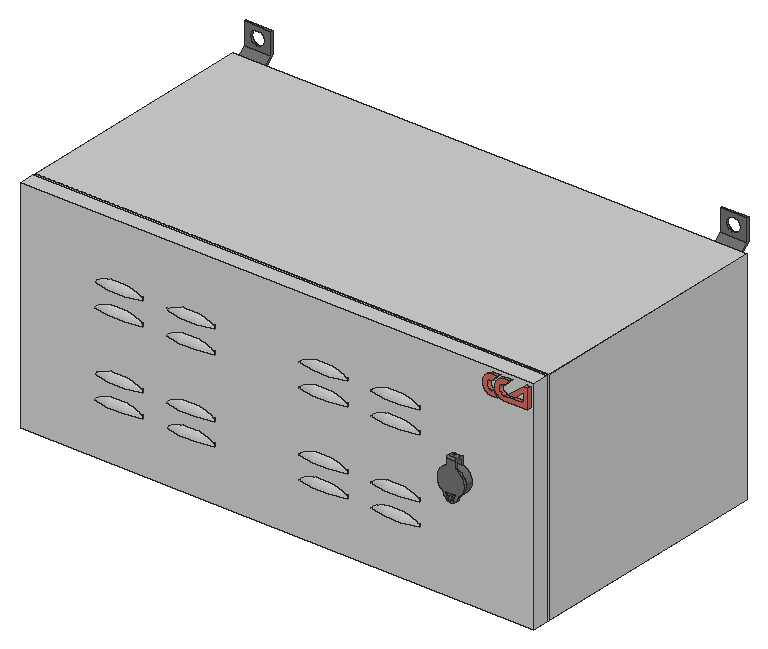
Revit family "Шкафы климатические навесные (без крыши)", category Обобщенные модели, Revit 2019
Family settings
  Может служить основой для арматурных стержней = Нет
  Размер круглого соединителя = Использовать диаметр
  Тип детали = Нормальный
  На основе рабочей плоскости = Нет
  Всегда вертикально = Да
  При загрузке вырезать с полостями = Нет
  Общий = Нет
  Точка расчета площади = Нет
Parameters (values of type "ШКТ-НВ-6U (700х350мм)")
  Толщина 5 = 5 mm  # constant formula
  Толщина 4 = 4 mm  # constant formula
  Толщина 25 = 25 mm  # constant formula
  Толщина -4 = -4 mm  # constant formula
  Смещение от уровня [instance] = 200 mm
  Ручки не центр = not(Ручка центр)  # no
  Ручка центр = if(ADSK_Размер_Высота > 350 mm, 1 = 0, 1 = 1)  # yes
  Описание = "Шкаф климатический телекоммуникационный навесной 19&quot. 6U(600x350)  ШКТ-НВ-6U-600-350 ССД"
  Ноль = 0 mm  # constant formula
  Материал ручек = Металл черный
  Материал букв = Металл красный
  Материал Каркаса = RAL 7035
  ADSK_Этаж [instance] = ""
  ADSK_Размер_Ширина = 678 mm  # constant formula
  ADSK_Размер_Глубина = 350 mm
  ADSK_Размер_Высота = 290 mm
  ADSK_Примечание [instance] = ""
  ADSK_Предел огнестойкости = ""
  ADSK_Позиция [instance] = ""
  ADSK_Обозначение = ""
  ADSK_Наименование краткое = "ШКТ-НВ-6U (700х350мм)"
  ADSK_Наименование = "Шкаф климатический телекоммуникационный навесной 19&quot. 6U(600x350)  ШКТ-НВ-6U-600-350 ССД"
  ADSK_Масса_Текст = "17"
  ADSK_Марка [instance] = ""
  ADSK_Количество [instance] = 1  # constant formula
  ADSK_Код изделия = "130411-00801"
  ADSK_Зона = ""
  ADSK_Завод-изготовитель = "АО СВЯЗЬСТРОЙДЕТАЛЬ"  # constant formula
  ADSK_Единица измерения = "шт"  # constant formula
  ADSK_URL страницы изделия = "Шкаф климатический телекоммуникационный навесной 19. 6U(600x350)  ШКТ-НВ-6U-600-350 ССД ( 130411-00801 ) (ssd.ru)"
  ADSK_URL документации изделия = "sert_shkt.PDF (ssd.ru)"
  3й-ряд = if(ADSK_Размер_Высота > 650 mm, 1 = 1, 1 = 0)  # no
Types (20, lengths in mm): name | Ручки не центр | Ручка центр | Описание | ADSK_Размер_Глубина | ADSK_Размер_Высота | ADSK_Наименование краткое | ADSK_Наименование | ADSK_Масса_Текст | ADSK_Код изделия | ADSK_URL страницы изделия | 3й-ряд
  ШКТ-НВ-6U (700х350мм) | no | yes | "Шкаф климатический телекоммуникационный навесной 19&quot. 6U(600x350)  ШКТ-НВ-6U-600-350 ССД" | 350 | 290 | "ШКТ-НВ-6U (700х350мм)" | "Шкаф климатический телекоммуникационный навесной 19&quot. 6U(600x350)  ШКТ-НВ-6U-600-350 ССД" | "17" | "130411-00801" | "Шкаф климатический телекоммуникационный навесной 19. 6U(600x350)  ШКТ-НВ-6U-600-350 ССД ( 130411-00801 ) (ssd.ru)" | no
  ШКТ-НВ-6U (700х450мм) | no | yes | "Шкаф климатический телекоммуникационный навесной 19&quot.  6U(600x450)  ШКТ-НВ-6U-600-450 ССД" | 450 | 290 | "ШКТ-НВ-6U (700х450мм)" | "Шкаф климатический телекоммуникационный навесной 19&quot.  6U(600x450)  ШКТ-НВ-6U-600-450 ССД" | "19" | "130411-00802" | "Шкаф климатический телекоммуникационный навесной 19.  6U(600x450)  ШКТ-НВ-6U-600-450 ССД ( 130411-00802 ) (ssd.ru)" | no
  ШКТ-НВ-6U (700х550мм) | no | yes | "Шкаф климатический телекоммуникационный навесной 19&quot.  6U(600x450)  ШКТ-НВ-6U-600-450 ССД" | 550 | 290 | "ШКТ-НВ-6U (700х550мм)" | "Шкаф климатический телекоммуникационный навесной 19&quot.  6U(600x550)  ШКТ-НВ-6U-600-550 ССД" | "21" | "130411-00803" | "Шкаф климатический телекоммуникационный навесной 19.  6U(600x550)  ШКТ-НВ-6U-600-550 ССД ( 130411-00803 ) (ssd.ru)" | no
  ШКТ-НВ-6U (700х650мм) | no | yes | "Шкаф климатический телекоммуникационный навесной 19&quot. 6U(600x650)  ШКТ-НВ-6U-600-650 ССД" | 650 | 290 | "ШКТ-НВ-6U (700х650мм)" | "Шкаф климатический телекоммуникационный навесной 19&quot. 6U(600x650)  ШКТ-НВ-6U-600-650 ССД" | "23" | "130411-00804" | "Шкаф климатический телекоммуникационный навесной 19. 6U(600x650)  ШКТ-НВ-6U-600-650 ССД ( 130411-00804 ) (ssd.ru)" | no
  ШКТ-НВ-9U (700х350мм) | yes | no | "Шкаф климатический телекоммуникационный навесной 19&quot.  9U(600x350)  ШКТ-НВ-9U-600-350 ССД" | 350 | 440 | "ШКТ-НВ-9U (700х350мм)" | "Шкаф климатический телекоммуникационный навесной 19&quot.  9U(600x350)  ШКТ-НВ-9U-600-350 ССД" | "25" | "130411-00805" | "Шкаф климатический телекоммуникационный навесной 19.  9U(600x350)  ШКТ-НВ-9U-600-350 ССД ( 130411-00805 ) (ssd.ru)" | no
  ШКТ-НВ-9U (700х450мм) | yes | no | "Шкаф климатический телекоммуникационный навесной 19&quot. 9U(700x450)  ШКТ-НВ-9U-600-450 ССД" | 450 | 440 | "ШКТ-НВ-9U (700х450мм)" | "Шкаф климатический телекоммуникационный навесной 19&quot. 9U(700x450)  ШКТ-НВ-9U-600-450 ССД" | "28" | "130411-00806" | "Шкаф климатический телекоммуникационный навесной 19. 9U(600x450)  ШКТ-НВ-9U-600-450 ССД ( 130411-00806 ) (ssd.ru)" | no
  ШКТ-НВ-9U (700х550мм) | yes | no | "Шкаф климатический телекоммуникационный навесной 19&quot.  9U(600x550)  ШКТ-НВ-9U-600-550 ССД" | 550 | 440 | "ШКТ-НВ-9U (700х550мм)" | "Шкаф климатический телекоммуникационный навесной 19&quot.  9U(600x550)  ШКТ-НВ-9U-600-550 ССД" | "31" | "130411-00807" | "Шкаф климатический телекоммуникационный навесной 19.  9U(600x550)  ШКТ-НВ-9U-600-550 ССД ( 130411-00807 ) (ssd.ru)" | no
  ШКТ-НВ-9U (700х650мм) | yes | no | "Шкаф климатический телекоммуникационный навесной 19&quot. 9U(600x650)  ШКТ-НВ-9U-600-650 ССД" | 650 | 440 | "ШКТ-НВ-9U (700х650мм)" | "Шкаф климатический телекоммуникационный навесной 19&quot. 9U(600x650)  ШКТ-НВ-9U-600-650 ССД" | "34" | "130411-00808" | "Шкаф климатический телекоммуникационный навесной 19. 9U(600x650)  ШКТ-НВ-9U-600-650 ССД ( 130411-00808 ) (ssd.ru)" | no
  ШКТ-НВ-12U (600х350мм) | yes | no | "Шкаф климатический телекоммуникационный навесной 19&quot. 12U(600x350)  ШКТ-НВ-12U-600-350 ССД" | 350 | 580 | "ШКТ-НВ-12U (600х350мм)" | "Шкаф климатический телекоммуникационный навесной 19&quot. 12U(600x350)  ШКТ-НВ-12U-600-350 ССД" | "36" | "130411-00809" | "Шкаф климатический телекоммуникационный навесной 19. 12U(600x350)  ШКТ-НВ-12U-600-350 ССД ( 130411-00809 ) (ssd.ru)" | no
  ШКТ-НВ-12U (600х450мм) | yes | no | "Шкаф климатический телекоммуникационный навесной 19&quot. 12U(600x450)  ШКТ-НВ-12U-600-450 ССД" | 450 | 580 | "ШКТ-НВ-12U (600х450мм)" | "Шкаф климатический телекоммуникационный навесной 19&quot. 12U(600x450)  ШКТ-НВ-12U-600-450 ССД" | "40" | "130411-00810" | "Шкаф климатический телекоммуникационный навесной 19. 12U(600x450)  ШКТ-НВ-12U-600-450 ССД ( 130411-00810 ) (ssd.ru)" | no
  ШКТ-НВ-12U (600х550мм) | yes | no | "Шкаф телекоммуникационный климатический навесной 19&quot. 12U(600x550)  ШКТ-НВ-12U-600-550 ССД" | 550 | 580 | "ШКТ-НВ-12U (600х550мм)" | "Шкаф телекоммуникационный климатический навесной 19&quot. 12U(600x550)  ШКТ-НВ-12U-600-550 ССД" | "43" | "130411-00811" | "Шкаф телекоммуникационный климатический навесной 19. 12U(600x550)  ШКТ-НВ-12U-600-550 ССД ( 130411-00811 ) (ssd.ru)" | no
  ШКТ-НВ-12U (600х650мм) | yes | no | "Шкаф климатический телекоммуникационный навесной 19&quot. 12U(600x650)  ШКТ-НВ-12U-600-650 ССД" | 650 | 580 | "ШКТ-НВ-12U (600х650мм)" | "Шкаф климатический телекоммуникационный навесной 19&quot. 12U(600x650)  ШКТ-НВ-12U-600-650 ССД" | "47" | "130411-00812" | "Шкаф климатический телекоммуникационный навесной 19. 12U(600x650)  ШКТ-НВ-12U-600-650 ССД ( 130411-00812 ) (ssd.ru)" | no
  ШКТ-НВ-15U (600х350мм) | yes | no | "Шкаф климатический телекоммуникационный навесной 19&quot. 15U(600x350)  ШКТ-НВ-15U-600-350 ССД" | 350 | 714 | "ШКТ-НВ-15U (600х350мм)" | "Шкаф климатический телекоммуникационный навесной 19&quot. 15U(600x350)  ШКТ-НВ-15U-600-350 ССД" | "42" | "130411-00813" | "Шкаф климатический телекоммуникационный навесной 19. 15U(600x350)  ШКТ-НВ-15U-600-350 ССД ( 130411-00813 ) (ssd.ru)" | yes
  ШКТ-НВ-15U (600х450мм) | yes | no | "Шкаф климатический телекоммуникационный навесной 19&quot. 15U(600x450)  ШКТ-НВ-15U-600-450 ССД" | 450 | 714 | "ШКТ-НВ-15U (600х450мм)" | "Шкаф климатический телекоммуникационный навесной 19&quot. 15U(600x450)  ШКТ-НВ-15U-600-450 ССД" | "46" | "130411-00814" | "Шкаф климатический телекоммуникационный навесной 19. 15U(600x450)  ШКТ-НВ-15U-600-450 ССД ( 130411-00814 ) (ssd.ru)" | yes
  ШКТ-НВ-15U (600х550мм) | yes | no | "Шкаф климатический телекоммуникационный навесной 19&quot. 15U(600x550)  ШКТ-НВ-15U-600-550 ССД" | 550 | 714 | "ШКТ-НВ-15U (600х550мм)" | "Шкаф климатический телекоммуникационный навесной 19&quot. 15U(600x550)  ШКТ-НВ-15U-600-550 ССД" | "50" | "130411-00815" | "Шкаф климатический телекоммуникационный навесной 19. 15U(600x550)  ШКТ-НВ-15U-600-550 ССД ( 130411-00815 ) (ssd.ru)" | yes
  ШКТ-НВ-15U (600х650мм) | yes | no | "Шкаф климатический телекоммуникационный навесной 19&quot. 15U(600x650)  ШКТ-НВ-15U-600-650 ССД" | 650 | 714 | "ШКТ-НВ-15U (600х650мм)" | "Шкаф климатический телекоммуникационный навесной 19&quot. 15U(600x650)  ШКТ-НВ-15U-600-650 ССД" | "54" | "130411-00816" | "Шкаф климатический телекоммуникационный навесной 19. 15U(600x650)  ШКТ-НВ-15U-600-650 ССД ( 130411-00816 ) (ssd.ru)" | yes
  ШКТ-НВ-18U (700х350мм) | yes | no | "Шкаф климатический телекоммуникационный навесной 19&quot. 18U(600x350)  ШКТ-НВ-18U-600-350 ССД" | 350 | 847 | "ШКТ-НВ-18U (700х350мм)" | "Шкаф климатический телекоммуникационный навесной 19&quot. 18U(600x350)  ШКТ-НВ-18U-600-350 ССД" | "48" | "130411-00817" | "Шкаф климатический телекоммуникационный навесной 19. 18U(600x350)  ШКТ-НВ-18U-600-350 ССД ( 130411-00817 ) (ssd.ru)" | yes
  ШКТ-НВ-18U (700х450мм) | yes | no | "Шкаф климатический телекоммуникационный навесной 19&quot. 18U(600x450)  ШКТ-НВ-18U-600-450 ССД" | 450 | 847 | "ШКТ-НВ-18U (700х450мм)" | "Шкаф климатический телекоммуникационный навесной 19&quot. 18U(600x450)  ШКТ-НВ-18U-600-450 ССД" | "52" | "130411-00818" | "Шкаф климатический телекоммуникационный навесной 19. 18U(600x450)  ШКТ-НВ-18U-600-450 ССД ( 130411-00818 ) (ssd.ru)" | yes
  ШКТ-НВ-18U (700х550мм) | yes | no | "Шкаф климатический телекоммуникационный навесной 19&quot. 18U(600x550)  ШКТ-НВ-18U-600-550 ССД" | 550 | 847 | "ШКТ-НВ-18U (700х550мм)" | "Шкаф климатический телекоммуникационный навесной 19&quot. 18U(600x550)  ШКТ-НВ-18U-600-550 ССД" | "57" | "130411-00819" | "Шкаф климатический телекоммуникационный навесной 19. 18U(600x550)  ШКТ-НВ-18U-600-550 ССД ( 130411-00819 ) (ssd.ru)" | yes
  ШКТ-НВ-18U (700х650мм) | yes | no | "Шкаф климатический телекоммуникационный навесной 19&quot. 18U(600x650)  ШКТ-НВ-18U-600-650 ССД" | 650 | 847 | "ШКТ-НВ-18U (700х650мм)" | "Шкаф климатический телекоммуникационный навесной 19&quot. 18U(600x650)  ШКТ-НВ-18U-600-650 ССД" | "61" | "130411-00820" | "Шкаф климатический телекоммуникационный навесной 19. 18U(600x650)  ШКТ-НВ-18U-600-650 ССД ( 130411-00820 ) (ssd.ru)" | yes
Reference planes
  plane 1 "тттт": y = 0
  plane 2: z = 0
  plane 3 "УУУУ": x = 0
  plane 4: y = -158
  plane 5: y = 158
  plane 6 "Т-1": y = 175
  plane 7 "Т-3": y = -175
  plane 8 "П-1": x = -339
  plane 9 "П-2": x = 339
  plane 10 "П2": z = 200
  plane 11 "П5": z = 490
  plane 12: z = 268
  plane 13: z = 298
  plane 14: z = 407
  plane 15: z = 377
  plane 16: z = 347
  plane 17: x = -209
  plane 18: x = 156
  plane 19: x = -114
  plane 20: x = 61
  plane 21: x = 239
  plane 22: y = -154
  plane 23: y = -150
  plane 24: z = 345
  plane 25: z = 464
  plane 26: z = 226
  plane 27: x = 314
  plane 28: x = -314
Forms (mm)
  Extrusion 1, void, not visible, detail levels fine
    sketch origin (-20, 0, 0) x (1, 0, 0) y (0, 0, 1)
      loop
        arc (-281.999, 290) -> (-261.999, 270) -> (-241.999, 290) r 20
        line (-241.999, 290) -> (-241.999, 370)
        arc (-241.999, 370) -> (-261.999, 390) -> (-281.999, 370) r 20
        line (-281.999, 370) -> (-281.999, 290)
    from 90 to 190
  Extrusion 2, void, not visible
    sketch origin (-20, 0, 225) x (1, 0, 0) y (0, 0, 1)
      loop
        circle (-261.999, 215) r 6.5
    from 90 to 190
  Extrusion 3, void, not visible, detail levels fine
    sketch origin (20, 0, 0) x (-1, 0, 0) y (0, 0, -1)
      loop
        line (-281.999, -290) -> (-281.999, -370)
        arc (-281.999, -370) -> (-261.999, -390) -> (-241.999, -370) r 20
        line (-241.999, -370) -> (-241.999, -290)
        arc (-241.999, -290) -> (-261.999, -270) -> (-281.999, -290) r 20
    from 90 to 190
  Extrusion 4, void, not visible
    sketch origin (20, 0, 225) x (-1, 0, 0) y (0, 0, -1)
      loop
        circle (-261.999, -215) r 6.5
    from 90 to 190
  Extrusion 5, void, not visible
    sketch origin (0, 0, 220) x (0, 1, 0) y (0, 0, 1)
      loop
        circle (-102, 220) r 3.036
      loop
        circle (-172.959, 220) r 3.036
      loop
        circle (-122, 237) r 3.036
      loop
        circle (-157.959, 237) r 3.036
      loop
        circle (-121.964, 203) r 3.036
      loop
        circle (-158.036, 203) r 3.036
      loop
        arc (-162.48, 75) -> (-137.48, 50) -> (-112.48, 75) r 25
        line (-112.48, 75) -> (-112.48, 145)
        arc (-112.48, 145) -> (-137.48, 170) -> (-162.48, 145) r 25
        line (-162.48, 145) -> (-162.48, 75)
    from -312 to 312
  Extrusion 6, solid, material "Металл белый", detail levels medium+fine
    sketch origin (0, 175, 0) x (-1, 0, 0) y (0, 0, 1)
      loop
        line (339, 490) -> (-339, 490) -> (-339, 200) -> (339, 200) -> (339, 490)
    from -4 <- "Толщина -4" to 0
  Extrusion 7, solid, material "RAL 7035" <- "Материал Каркаса", detail levels medium+fine
    sketch origin (0, -175, 0) x (-1, 0, 0) y (0, 0, 1)
      loop
        line (339, 490) -> (-339, 490) -> (-339, 200) -> (339, 200) -> (339, 490)
    from 0 to 21
  Extrusion 8, solid, material "Металл белый", detail levels medium+fine
    sketch origin (-339, 0, 0) x (0, 1, 0) y (0, 0, 1)
      loop
        line (-150, 490) -> (-150, 200) -> (175, 200) -> (175, 490) -> (-150, 490)
    from 0 to 4 <- "Толщина 4"
  Extrusion 9, solid, material "Металл белый", detail levels medium+fine
    sketch origin (339, 0, 0) x (0, 1, 0) y (0, 0, 1)
      loop
        line (-150, 490) -> (-150, 200) -> (175, 200) -> (175, 490) -> (-150, 490)
    from 0 to -4 <- "Толщина -4"
  Extrusion 10, solid, material "Металл белый", detail levels medium+fine
    sketch origin (0, 0, 200) x (0, -1, 0) y (1, 0, 0)
      loop
        line (-175, -339) -> (150, -339) -> (150, 339) -> (-175, 339) -> (-175, -339)
    from 0 to 4 <- "Толщина 4"
  Extrusion 11, solid, material "Металл белый", detail levels medium+fine
    sketch origin (0, 0, 490) x (0, -1, 0) y (1, 0, 0)
      loop
        line (-175, -339) -> (150, -339) -> (150, 339) -> (-175, 339) -> (-175, -339)
    from 0 to -4 <- "Толщина -4"
  Extrusion 12, solid, material "RAL 7035" <- "Материал Каркаса"
    sketch origin (0, 0, 0) x (1, 0, 0) y (0, 1, 0)
      loop
        line (-339, 175) -> (-339, -175) -> (339, -175) -> (339, 175) -> (-339, 175)
    from 200 to 490
Cuts and joins
  joined: Extrusion 6, Extrusion 8, Extrusion 9, Extrusion 10, Extrusion 11
Dimensions and locks
  equal spacing: plane 8 "П-1", plane 3 "УУУУ", plane 9 "П-2"
  equal spacing: plane 6 "Т-1", plane 1 "тттт", plane 7 "Т-3"
  "ADSK_Размер_Ширина": plane 8 "П-1" to plane 9 "П-2"
  "ADSK_Размер_Глубина": plane 6 "Т-1" to plane 7 "Т-3"
  "Смещение от уровня": plane 10 "П2" to level
  "ADSK_Размер_Высота": plane 11 "П5" to plane 10 "П2"
  locked: plane 12 to plane 10 "П2" at 68
  locked: plane 13 to plane 12 at 30
  locked: plane 11 "П5" to plane 14 at 83
  locked: plane 14 to plane 15 at 30
  locked: plane 15 to plane 16 at 30
  locked: plane 17 to plane 8 "П-1" at 130
  locked: plane 19 to plane 17 at 95
  locked: plane 18 to plane 20 at 95
  locked: plane 21 to plane 18 at 83
  locked: plane 9 "П-2" to plane 21 at 100
  locked: plane 22 to plane 7 "Т-3" at 21
  locked: plane 23 to plane 22 at 4
  equal spacing: plane 11 "П5", plane 24, plane 10 "П2"
  locked: plane 25 to plane 11 "П5" at 26
  locked: plane 10 "П2" to plane 26 at 26
  locked: plane 27 to plane 9 "П-2" at 25
  locked: plane 8 "П-1" to plane 28 at 25
  aligned and locked: level to plane 2
  aligned and locked: Extrusion 6 sketch curve to plane 8 "П-1"
  aligned and locked: plane 10 "П2" to Extrusion 6 sketch curve
  aligned and locked: Extrusion 6 sketch curve to plane 9 "П-2"
  aligned and locked: plane 11 "П5" to Extrusion 6 sketch curve
  aligned and locked: plane 6 "Т-1" to Extrusion 6
  aligned and locked: Extrusion 7 sketch curve to plane 8 "П-1"
  aligned and locked: plane 10 "П2" to Extrusion 7 sketch curve
  aligned and locked: plane 11 "П5" to Extrusion 7 sketch curve
  aligned and locked: Extrusion 7 sketch curve to plane 9 "П-2"
  aligned and locked: Extrusion 7 to plane 22
  aligned and locked: Extrusion 7 to plane 7 "Т-3"
  aligned and locked: Extrusion 8 sketch curve to plane 10 "П2"
  aligned and locked: Extrusion 8 sketch curve to plane 6 "Т-1"
  aligned and locked: plane 23 to Extrusion 8 sketch curve
  aligned and locked: plane 11 "П5" to Extrusion 8 sketch curve
  aligned and locked: Extrusion 8 to plane 8 "П-1"
  aligned and locked: plane 23 to Extrusion 9 sketch curve
  aligned and locked: Extrusion 9 sketch curve to cut or joined group of Extrusion 6, Extrusion 8, Extrusion 9, Extrusion 10, Extrusion 11  (x2)
  aligned and locked: plane 11 "П5" to Extrusion 9 sketch curve
  aligned and locked: Extrusion 9 to plane 9 "П-2"
  aligned and locked: Extrusion 10 sketch curve to cut or joined group of Extrusion 6, Extrusion 8, Extrusion 9, Extrusion 10, Extrusion 11  (x4)
  aligned and locked: plane 10 "П2" to Extrusion 10
  aligned and locked: Extrusion 11 sketch curve to cut or joined group of Extrusion 6, Extrusion 8, Extrusion 9, Extrusion 10, Extrusion 11  (x4)
  aligned and locked: Extrusion 11 to plane 11 "П5"
  aligned and locked: nested 4 to plane 14
  aligned and locked: plane 17 to nested 4
  aligned and locked: nested 3 to plane 14
  aligned and locked: plane 19 to nested 3
  aligned and locked: plane 20 to nested 2
  aligned and locked: nested 2 to plane 14
  aligned and locked: nested 1 to plane 14
  aligned and locked: plane 18 to nested 1
  aligned and locked: nested 8 to plane 15
  aligned and locked: nested 7 to plane 15
  aligned and locked: nested 6 to plane 15
  aligned and locked: nested 5 to plane 15
  aligned and locked: plane 17 to nested 8
  aligned and locked: plane 19 to nested 7
  aligned and locked: plane 20 to nested 6
  aligned and locked: plane 18 to nested 5
  aligned and locked: nested 12 to plane 16
  aligned and locked: plane 17 to nested 12
  aligned and locked: nested 11 to plane 16
  aligned and locked: plane 19 to nested 11
  aligned and locked: nested 10 to plane 16
  aligned and locked: plane 20 to nested 10
  aligned and locked: nested 9 to plane 16
  aligned and locked: plane 18 to nested 9
  aligned and locked: plane 17 to nested 13
  aligned and locked: plane 17 to nested 14
  aligned and locked: nested 13 to plane 13
  aligned and locked: nested 14 to plane 12
  aligned and locked: plane 19 to nested 15
  aligned and locked: plane 19 to nested 16
  aligned and locked: nested 15 to plane 13
  aligned and locked: nested 16 to plane 12
  aligned and locked: plane 20 to nested 17
  aligned and locked: nested 17 to plane 13
  aligned and locked: plane 20 to nested 18
  aligned and locked: nested 18 to plane 12
  aligned and locked: plane 18 to nested 19
  aligned and locked: plane 18 to nested 20
  aligned and locked: nested 19 to plane 13
  aligned and locked: nested 20 to plane 12
  aligned and locked: nested 21 to plane 7 "Т-3"
  aligned and locked: nested 22 to plane 7 "Т-3"  (x2)
  aligned and locked: plane 21 to nested 21
  aligned and locked: nested 21 to plane 15
  aligned and locked: plane 21 to nested 22
  aligned and locked: nested 22 to plane 13
  aligned and locked: nested 23 to plane 7 "Т-3"
  aligned and locked: plane 21 to nested 23
  aligned and locked: nested 23 to plane 24
  aligned and locked: nested 24 to plane 7 "Т-3"
  aligned and locked: cut or joined group of Extrusion 6, Extrusion 8, Extrusion 9, Extrusion 10, Extrusion 11 to nested 24
  aligned and locked: nested 24 to cut or joined group of Extrusion 6, Extrusion 8, Extrusion 9, Extrusion 10, Extrusion 11
  aligned and locked: nested 14 to plane 17
  aligned and locked: nested 14 to plane 7 "Т-3"
  aligned and locked: nested 16 to plane 7 "Т-3"
  aligned and locked: nested 18 to plane 7 "Т-3"
  aligned and locked: nested 20 to plane 7 "Т-3"
  aligned and locked: nested 13 to plane 7 "Т-3"
  aligned and locked: nested 15 to plane 7 "Т-3"
  aligned and locked: nested 17 to plane 7 "Т-3"
  aligned and locked: nested 19 to plane 7 "Т-3"
  aligned and locked: nested 12 to plane 7 "Т-3"
  aligned and locked: nested 11 to plane 7 "Т-3"
  aligned and locked: nested 10 to plane 7 "Т-3"
  aligned and locked: nested 9 to plane 7 "Т-3"
  aligned and locked: nested 8 to plane 7 "Т-3"
  aligned and locked: nested 7 to plane 7 "Т-3"
  aligned and locked: nested 6 to plane 7 "Т-3"
  aligned and locked: nested 5 to plane 7 "Т-3"
  aligned and locked: nested 4 to plane 7 "Т-3"
  aligned and locked: nested 3 to plane 7 "Т-3"
  aligned and locked: nested 2 to plane 7 "Т-3"
  aligned and locked: nested 1 to plane 7 "Т-3"
  aligned and locked: nested 25 to plane 27
  aligned and locked: plane 27 to nested 25
  aligned and locked: nested 25 to plane 26
  aligned and locked: plane 6 "Т-1" to nested 25
  aligned and locked: nested 26 to plane 25
  aligned and locked: plane 6 "Т-1" to nested 26
  aligned and locked: nested 27 to plane 28
  aligned and locked: plane 6 "Т-1" to nested 27
  aligned and locked: plane 6 "Т-1" to nested 28
  aligned and locked: nested 28 to plane 25
  aligned and locked: nested 28 to plane 28
  aligned and locked: nested 26 to plane 27
  aligned and locked: nested 27 to plane 26
  aligned and locked: nested 30 to plane 6 "Т-1"
  aligned and locked: plane 25 to nested 30
  aligned and locked: plane 28 to nested 30
  aligned and locked: plane 27 to nested 29
  aligned and locked: nested 29 to plane 6 "Т-1"
  aligned and locked: plane 25 to nested 29
  aligned and locked: Extrusion 12 sketch curve to cut or joined group of Extrusion 6, Extrusion 8, Extrusion 9, Extrusion 10, Extrusion 11  (x2)
  aligned and locked: Extrusion 12 sketch curve to Extrusion 7  (x2)
  aligned and locked: Extrusion 12 to plane 11 "П5"
  aligned and locked: plane 10 "П2" to Extrusion 12
  aligned and locked: plane 8 "П-1" to nested 31
  aligned and locked: plane 10 "П2" to nested 31
  aligned and locked: nested 31 to plane 11 "П5"
  aligned and locked: plane 9 "П-2" to nested 31
Nested families
  nested 1: "Впадина" at (156, -175, 407), Материал <- "Материал Каркаса", type "Впадина", detail levels fine
    with Материал RAL 7035
  nested 2: "Впадина" at (61, -175, 407), Материал <- "Материал Каркаса", type "Впадина", detail levels fine
    with Материал RAL 7035
  nested 3: "Впадина" at (-114, -175, 407), Материал <- "Материал Каркаса", type "Впадина", detail levels fine
    with Материал RAL 7035
  nested 4: "Впадина" at (-209, -175, 407), Материал <- "Материал Каркаса", type "Впадина", detail levels fine
    with Материал RAL 7035
  nested 5: "Впадина" at (156, -175, 377), Материал <- "Материал Каркаса", type "Впадина", detail levels fine
    with Материал RAL 7035
  nested 6: "Впадина" at (61, -175, 377), Материал <- "Материал Каркаса", type "Впадина", detail levels fine
    with Материал RAL 7035
  nested 7: "Впадина" at (-114, -175, 377), Материал <- "Материал Каркаса", type "Впадина", detail levels fine
    with Материал RAL 7035
  nested 8: "Впадина" at (-209, -175, 377), Материал <- "Материал Каркаса", type "Впадина", detail levels fine
    with Материал RAL 7035
  nested 9: "Впадина" at (156, -175, 347), Материал <- "Материал Каркаса", visible <- "3й-ряд", type "Впадина", detail levels fine
    with Материал RAL 7035
  nested 10: "Впадина" at (61, -175, 347), Материал <- "Материал Каркаса", visible <- "3й-ряд", type "Впадина", detail levels fine
    with Материал RAL 7035
  nested 11: "Впадина" at (-114, -175, 347), Материал <- "Материал Каркаса", visible <- "3й-ряд", type "Впадина", detail levels fine
    with Материал RAL 7035
  nested 12: "Впадина" at (-209, -175, 347), Материал <- "Материал Каркаса", visible <- "3й-ряд", type "Впадина", detail levels fine
    with Материал RAL 7035
  nested 13: "Впадина" at (-209, -175, 298), Материал <- "Материал Каркаса", type "Впадина", detail levels fine
    with Материал RAL 7035
  nested 14: "Впадина" at (-209, -175, 268), Материал <- "Материал Каркаса", type "Впадина", detail levels fine
    with Материал RAL 7035
  nested 15: "Впадина" at (-114, -175, 298), Материал <- "Материал Каркаса", type "Впадина", detail levels fine
    with Материал RAL 7035
  nested 16: "Впадина" at (-114, -175, 268), Материал <- "Материал Каркаса", type "Впадина", detail levels fine
    with Материал RAL 7035
  nested 17: "Впадина" at (61, -175, 298), Материал <- "Материал Каркаса", type "Впадина", detail levels fine
    with Материал RAL 7035
  nested 18: "Впадина" at (61, -175, 268), Материал <- "Материал Каркаса", type "Впадина", detail levels fine
    with Материал RAL 7035
  nested 19: "Впадина" at (156, -175, 298), Материал <- "Материал Каркаса", type "Впадина", detail levels fine
    with Материал RAL 7035
  nested 20: "Впадина" at (156, -175, 268), Материал <- "Материал Каркаса", type "Впадина", detail levels fine
    with Материал RAL 7035
  nested 21: "Ручка" at (239, -175, 377), visible <- "Ручки не центр", type "Ручка", detail levels medium+fine
    with Материал Металл черный
  nested 22: "Ручка" at (239, -175, 298), visible <- "Ручки не центр", type "Ручка", detail levels medium+fine
    with Материал Металл черный
  nested 23: "Ручка" at (239, -175, 345), visible <- "Ручка центр", type "Ручка", detail levels medium+fine
    with Материал Металл черный
  nested 24: "ССД" at (305.016, -175, 460), Материал <- "Материал букв", type "ССД", detail levels fine
    with Материал Металл красный
  nested 25: "Болт" at (314, 175, 226) x (-1, 0, 0) z (0, 0, 1), Материал <- "Материал ручек", type "Болт", detail levels fine
    with Материал Металл черный
  nested 26: "Болт" at (314, 175, 464) x (-1, 0, 0) z (0, 0, 1), Материал <- "Материал ручек", type "Болт", detail levels fine
    with Материал Металл черный
  nested 27: "Болт" at (-314, 175, 226) x (-1, 0, 0) z (0, 0, 1), Материал <- "Материал ручек", type "Болт", detail levels fine
    with Материал Металл черный
  nested 28: "Болт" at (-314, 175, 464) x (-1, 0, 0) z (0, 0, 1), Материал <- "Материал ручек", type "Болт", detail levels fine
    with Материал Металл черный
  nested 29: "Крепеж" at (314, 175, 445.534), Материал <- "Материал ручек", visible <- "Ручка центр", type "Крепеж", detail levels fine
    with Материал Металл черный
  nested 30: "Крепеж" at (-314, 175, 445.534), Материал <- "Материал ручек", visible <- "Ручка центр", type "Крепеж", detail levels fine
    with Материал Металл черный
  nested 31: "ЭУ_Шкаф" at (0, 0, 200) x (1, 0, 0) z (0, -1, 0), ADSK_Размер_Высота <- "ADSK_Размер_Высота", ADSK_Размер_Ширина <- "ADSK_Размер_Ширина", type "ЭУ_Шкаф", detail levels coarse
    with ADSK_Размер_Ширина 678 mm, ADSK_Размер_Высота 290 mm
Definition of nested family "Впадина"
  Parameters (values of type "Впадина")
    Материал [instance] = none
    ADSK_Размер_Ширина = 64 mm
  Reference planes
    plane 1 "По центру (Вперед/Назад)": y = 0
    plane 2: z = 0
    plane 3 "По центру (Влево/Вправо)": x = 0
    plane 4: y = -5
    plane 5: x = -32
    plane 6: x = 32
  Forms (mm)
    Sweep 1, solid, material <- "Материал"
      path origin (0, 0, 0) x (1, 0, 0) y (0, 1, 0)
        loop
          arc (-32, 0) -> (0, -5) -> (32, 0) r 104.9
      profile origin (0, -5, 0) x (0, 1, 0) y (0, 0, 1)
        loop
          line (0, 0) -> (1.008, 0)
          arc (1.008, 0) -> (2.037, 5.808) -> (5, 10.909) r 16.9
          line (5, 10.909) -> (5, 12)
          arc (5, 12) -> (1.3, 6.5) -> (0, 0) r 16.9
  Lines and regions (mm)
    symbolic lines
      curve 1: line (-32, 0, 0) -> (32, 0, 0)
      curve 2: line (0, 0, 0) -> (0, -5, 0)
      curve 3: line (-32, 0, 0) -> (32, 0, 0)
  Dimensions and locks
    equal spacing: plane 5, plane 3 "По центру (Влево/Вправо)", plane 6
    "ADSK_Размер_Ширина": plane 5 to plane 6
    plane 4 to plane 1 "По центру (Вперед/Назад)" = 5 mm
    aligned and locked: level to plane 2
    aligned and locked: plane 5 to Sweep 1 sketch curve
    aligned and locked: plane 1 "По центру (Вперед/Назад)" to Sweep 1 sketch curve  (x3)
    aligned and locked: plane 6 to Sweep 1 sketch curve
    aligned and locked: plane 1 "По центру (Вперед/Назад)" to curve 1
    aligned and locked: curve 2 to plane 3 "По центру (Влево/Вправо)"
    aligned and locked: curve 3 to plane 2
  Automatic sketch dimensions
    Sweep 1 sketch curve to plane 1 "По центру (Вперед/Назад)" = 99.9 mm
    Sweep 1 sketch curve to profile plane = 0 mm
    Sweep 1 sketch curve to level = 0 mm
    Sweep 1 sketch curve to Sweep 1 sketch curve = 11.9 mm
    Sweep 1 sketch curve to Sweep 1 sketch curve = 1.008 mm
    Sweep 1 sketch curve to Sweep 1 sketch curve = 1.091 mm
    curve 1 to plane 5 = 0 mm
    curve 1 to plane 6 = 0 mm
    curve 2 to plane 4 = 0 mm
    curve 3 to plane 5 = 0 mm
    curve 3 to plane 6 = 0 mm
Definition of nested family "Ручка"
  Parameters (values of type "Ручка")
    Материал [instance] = none
  Reference planes
    plane 1 "TTT": y = 0
    plane 2: z = 0
    plane 3 "По центру (Влево/Вправо)": x = 0
    plane 4: x = -18
    plane 5: x = 18
    plane 6: y = -12
    plane 7: y = -10
    plane 8: x = 6.088
    plane 9: x = -6.088
  Forms (mm)
    Extrusion 1, solid, material <- "Материал"
      sketch origin (0, 0, 0) x (1, 0, 0) y (0, 0, 1)
        loop
          arc (11.195, -14.095) -> (0, 18) -> (-11.195, -14.095) r 18
          arc (-11.195, -14.095) -> (-10.22, -15.207) -> (-9.624, -16.562) r 4.859
          arc (-9.624, -16.562) -> (0, -24.75) -> (9.624, -16.562) r 9.75
          arc (9.624, -16.562) -> (10.22, -15.207) -> (11.195, -14.095) r 4.859
        loop
          circle (0, -15) r 1
        loop
          circle (-3.004, -15) r 1
        loop
          circle (-6.022, -15) r 1
        loop
          circle (3.004, -15) r 1
        loop
          circle (6.022, -15) r 1
        loop
          circle (-1.703, -18) r 1
        loop
          circle (-4.707, -18) r 1
        loop
          circle (1.703, -18) r 1
        loop
          circle (4.707, -18) r 1
        loop
          circle (0, -21.301) r 1
        loop
          circle (-3.004, -21.301) r 1
        loop
          circle (3.004, -21.301) r 1
      from 10 to 12
    Extrusion 2, solid, material <- "Материал"
      sketch origin (0, 0, 0) x (1, 0, 0) y (0, 0, 1)
        loop
          circle (0, 0) r 18
      from 0 to 10
    Extrusion 3, solid, material <- "Материал"
      sketch origin (0, 0, 0) x (0, 1, 0) y (0, 0, 1)
        loop
          line (0, 15.155) -> (0, 25.331)
          arc (0, 25.331) -> (-0.782, 27.218) -> (-2.669, 28) r 2.669
          line (-2.669, 28) -> (-9.331, 28)
          arc (-9.331, 28) -> (-11.218, 27.218) -> (-12, 25.331) r 2.669
          line (-12, 25.331) -> (-12, 15.299) -> (-10, 15.299) -> (-10, 25.331)
          arc (-10, 25.331) -> (-9.804, 25.804) -> (-9.331, 26) r 0.669
          line (-9.331, 26) -> (-2.669, 26)
          arc (-2.669, 26) -> (-2.196, 25.804) -> (-2, 25.331) r 0.669
          line (-2, 25.331) -> (-2, 15.155) -> (0, 15.155)
      from -6.088 to 6.088
  Cuts and joins
    joined: Extrusion 1, Extrusion 2, Extrusion 3
  Lines and regions (mm)
    symbolic lines
      curve 1: line (-25, 0, 0) -> (25, 0, 0)
      curve 2: line (-18, 0, 0) -> (18, 0, 0)
      curve 3: line (0, 0, 0) -> (0, -12, 0)
      curve 4: line (-18, 0, 0) -> (18, 0, 0)
      curve 5: line (0, 0, 0) -> (0, 0, 31.989)
  Dimensions and locks
    equal spacing: plane 5, plane 3 "По центру (Влево/Вправо)", plane 4
    plane 5 to plane 4 = 36 mm
    locked: plane 6 to plane 1 "TTT" at 12
    locked: plane 6 to plane 7 at 2
    equal spacing: plane 9, plane 3 "По центру (Влево/Вправо)", plane 8
    aligned and locked: level to plane 2
    aligned and locked: plane 6 to Extrusion 1
    aligned and locked: Extrusion 1 to plane 7
    aligned and locked: Extrusion 2 to plane 1 "TTT"
    aligned and locked: Extrusion 2 to Extrusion 1
    aligned and locked: Extrusion 3 to plane 9
    aligned and locked: plane 8 to Extrusion 3
  Automatic sketch dimensions
    Extrusion 1 sketch curve to Extrusion 1 sketch curve = 0 mm  (x10)
    Extrusion 1 sketch curve to plane 3 "По центру (Влево/Вправо)" = 0 mm  (x3)
    Extrusion 1 sketch curve to level = 0 mm
    Extrusion 1 sketch curve to plane 3 "По центру (Влево/Вправо)" = 1.703 mm
    Extrusion 1 sketch curve to plane 3 "По центру (Влево/Вправо)" = 3.004 mm  (x2)
    Extrusion 1 sketch curve to Extrusion 1 sketch curve = 3.004 mm  (x2)
    Extrusion 1 sketch curve to Extrusion 1 sketch curve = 3.019 mm  (x2)
    plane 4 to Extrusion 1 sketch curve = 3.682 mm
    plane 3 "По центру (Влево/Вправо)" to Extrusion 1 sketch curve = 1.703 mm
    plane 3 "По центру (Влево/Вправо)" to Extrusion 1 sketch curve = 3.004 mm  (x2)
    Extrusion 1 sketch curve to plane 5 = 3.682 mm
    Extrusion 1 sketch curve to Extrusion 1 sketch curve = 15 mm
    Extrusion 1 sketch curve to Extrusion 1 sketch curve = 2.818 mm  (x2)
    Extrusion 1 sketch curve to Extrusion 1 sketch curve = 3 mm  (x2)
    Extrusion 1 sketch curve to Extrusion 1 sketch curve = 3.301 mm
    Extrusion 1 sketch curve to Extrusion 1 sketch curve = 3.602 mm  (x2)
    Extrusion 1 sketch curve to Extrusion 1 sketch curve = 1.571 mm
    Extrusion 1 sketch curve to Extrusion 1 sketch curve = 3.723 mm
    Extrusion 2 sketch curve to level = 0 mm
    Extrusion 2 sketch curve to plane 3 "По центру (Влево/Вправо)" = 0 mm
    Extrusion 3 sketch curve to Extrusion 3 sketch curve = 0 mm  (x4)
    Extrusion 3 sketch curve to plane 6 = 0 mm
    Extrusion 3 sketch curve to plane 7 = 0 mm
    Extrusion 3 sketch curve to plane 1 "TTT" = 0 mm
    Extrusion 3 sketch curve to Extrusion 3 sketch curve = 0.669 mm  (x2)
    level to Extrusion 3 sketch curve = 15.155 mm
    Extrusion 3 sketch curve to Extrusion 3 sketch curve = 10.176 mm
    Extrusion 3 sketch curve to Extrusion 3 sketch curve = 10.032 mm
    plane 1 "TTT" to curve 2 = 0 mm
    curve 2 to plane 4 = 0 mm
    curve 3 to plane 3 "По центру (Влево/Вправо)" = 0 mm
    curve 2 to plane 5 = 0 mm
    plane 6 to curve 3 = 0 mm
    curve 4 to level = 0 mm
    curve 4 to plane 4 = 0 mm
    curve 5 to level = 0 mm
    curve 5 to plane 3 "По центру (Влево/Вправо)" = 0 mm
    curve 4 to plane 5 = 0 mm
    curve 1 to plane 4 = 7 mm
    plane 5 to curve 1 = 7 mm
    level to curve 5 = 31.989 mm
    radius of Extrusion 1 sketch curve = 1 mm  (x12)
    radius of Extrusion 2 sketch curve = 18 mm
Definition of nested family "ССД"
  Parameters (values of type "ССД")
    Материал [instance] = none
  Reference planes
    plane 1 "По центру (Вперед/Назад)": y = 0
    plane 2: z = 0
    plane 3 "По центру (Влево/Вправо)": x = 0
    plane 4: y = -5
    plane 5: z = 26
    plane 6: x = -29.984
    plane 7: x = 29.984
  Forms (mm)
    Extrusion 1, solid, material <- "Материал"
      sketch origin (-4.748, 0, -135.953) x (1, 0, 0) y (0, 0, 1)
        loop
          arc (-12.562, 161.735) -> (-25.455, 148.886) -> (-12.605, 135.993) r 12.871
          line (-12.605, 135.993) -> (-5.127, 135.993)
          arc (-5.127, 135.993) -> (-8.341, 138.928) -> (-10.997, 142.376) r 24.946
          line (-10.997, 142.376) -> (-12.584, 142.376)
          arc (-12.584, 142.376) -> (-19.072, 148.864) -> (-12.584, 155.352) r 6.488
          line (-12.584, 155.352) -> (-10.972, 155.352)
          arc (-10.972, 155.352) -> (-8.292, 158.804) -> (-5.051, 161.735) r 24.946
          line (-5.051, 161.735) -> (-12.562, 161.735)
        loop
          arc (3.387, 161.709) -> (-9.505, 148.859) -> (3.344, 135.967) r 12.871
          line (3.344, 135.967) -> (34.291, 135.915) -> (34.334, 161.666) -> (28.9, 161.666) -> (8.095, 144.25) -> (16.764, 144.25) -> (28.888, 154.399) -> (28.868, 142.307) -> (3.34, 142.35)
          arc (3.34, 142.35) -> (-3.122, 148.856) -> (3.377, 155.326) r 6.488
          line (3.377, 155.326) -> (4.978, 155.326)
          arc (4.978, 155.326) -> (7.657, 158.777) -> (10.898, 161.709) r 24.946
          line (10.898, 161.709) -> (3.387, 161.709)
      from 0 to 5
  Lines and regions (mm)
    symbolic lines
      curve 1: line (-29.984, 0, 0) -> (29.984, 0, 0)
      curve 2: line (-29.984, 0, 26) -> (29.984, 0, 26)
      curve 3: line (-29.984, 0, 0) -> (-29.984, 0, 26)
      curve 4: line (29.984, 0, 0) -> (-29.984, 0, 0)
      curve 5: line (29.984, 0, 26) -> (29.984, 0, 0)
  Dimensions and locks
    locked: plane 1 "По центру (Вперед/Назад)" to plane 4 at 5
    locked: plane 5 to plane 2 at 26
    equal spacing: plane 7, plane 3 "По центру (Влево/Вправо)", plane 6
    locked: plane 7 to plane 6 at 59.968
    aligned and locked: level to plane 2
    aligned and locked: plane 1 "По центру (Вперед/Назад)" to curve 1
    aligned and locked: Extrusion 1 to plane 4
    aligned and locked: Extrusion 1 to plane 1 "По центру (Вперед/Назад)"
    aligned and locked: curve 2 to plane 5
    aligned and locked: plane 6 to curve 3
    aligned and locked: plane 2 to curve 4
    aligned and locked: curve 5 to plane 7
  Automatic sketch dimensions
    curve 1 to plane 6 = 0 mm
    curve 1 to plane 7 = 0 mm
    Extrusion 1 sketch curve to Extrusion 1 sketch curve = 0 mm  (x6)
    Extrusion 1 sketch curve to plane 3 "По центру (Влево/Вправо)" = 17.331 mm
    Extrusion 1 sketch curve to Extrusion 1 sketch curve = 0.022 mm
    Extrusion 1 sketch curve to Extrusion 1 sketch curve = 1.587 mm
    Extrusion 1 sketch curve to Extrusion 1 sketch curve = 1.612 mm
    Extrusion 1 sketch curve to plane 3 "По центру (Влево/Вправо)" = 9.875 mm
    Extrusion 1 sketch curve to plane 3 "По центру (Влево/Вправо)" = 1.407 mm
    Extrusion 1 sketch curve to plane 3 "По центру (Влево/Вправо)" = 1.382 mm
    Extrusion 1 sketch curve to plane 3 "По центру (Влево/Вправо)" = 1.371 mm
    Extrusion 1 sketch curve to plane 3 "По центру (Влево/Вправо)" = 1.36 mm
    Extrusion 1 sketch curve to Extrusion 1 sketch curve = 1.601 mm
    Extrusion 1 sketch curve to Extrusion 1 sketch curve = 4.755 mm
    Extrusion 1 sketch curve to Extrusion 1 sketch curve = 1.902 mm
    Extrusion 1 sketch curve to Extrusion 1 sketch curve = 5.043 mm
    Extrusion 1 sketch curve to Extrusion 1 sketch curve = 0.878 mm
    Extrusion 1 sketch curve to Extrusion 1 sketch curve = 6.767 mm
    Extrusion 1 sketch curve to plane 7 = 8.785 mm
    Extrusion 1 sketch curve to plane 7 = 5.864 mm
    Extrusion 1 sketch curve to plane 7 = 5.844 mm
    Extrusion 1 sketch curve to plane 7 = 5.831 mm
    Extrusion 1 sketch curve to plane 7 = 0.44 mm
    Extrusion 1 sketch curve to plane 7 = 0.397 mm
    Extrusion 1 sketch curve to plane 5 = 26.038 mm
    Extrusion 1 sketch curve to Extrusion 1 sketch curve = 0.079 mm
    Extrusion 1 sketch curve to Extrusion 1 sketch curve = 5.898 mm
    Extrusion 1 sketch curve to Extrusion 1 sketch curve = 0.027 mm
    Extrusion 1 sketch curve to Extrusion 1 sketch curve = 0.494 mm
    Extrusion 1 sketch curve to Extrusion 1 sketch curve = 0.51 mm
    Extrusion 1 sketch curve to Extrusion 1 sketch curve = 6.383 mm
    Extrusion 1 sketch curve to Extrusion 1 sketch curve = 2.411 mm
    Extrusion 1 sketch curve to Extrusion 1 sketch curve = 6.488 mm  (x2)
    Extrusion 1 sketch curve to Extrusion 1 sketch curve = 12.092 mm
    Extrusion 1 sketch curve to Extrusion 1 sketch curve = 7.267 mm
    Extrusion 1 sketch curve to plane 3 "По центру (Влево/Вправо)" = 9.798 mm
    Extrusion 1 sketch curve to plane 3 "По центру (Влево/Вправо)" = 1.404 mm
Definition of nested family "Болт"
  Parameters (values of type "Болт")
    Материал [instance] = none
  Reference planes
    plane 1 "TTT": y = 0
    plane 2: z = 0
    plane 3 "tttt": x = 0
    plane 4: y = -7
    plane 5: y = 30
  Forms (mm)
    Extrusion 1, solid, material <- "Материал"
      sketch origin (0, 0, 0) x (1, 0, 0) y (0, 0, 1)
        loop
          line (7, 0) -> (7, 3.025) -> (3.025, 7) -> (0, 7) -> (-3.025, 7) -> (-7, 3.025) -> (-7, 0) -> (-7, -3.025) -> (-3.025, -7) -> (0, -7) -> (3.025, -7) -> (7, -3.025) -> (7, 0)
      from 0 to 7
    Extrusion 2, solid, material <- "Материал"
      sketch origin (0, 0, 0) x (1, 0, 0) y (0, 0, 1)
        loop
          circle (0, 0) r 4.015
      from -30 to 0
  Lines and regions (mm)
    symbolic lines
      curve 1: line (-25, 0, 0) -> (25, 0, 0)
      curve 2: line (0, 30, 0) -> (0, -7, 0)
      curve 3: line (-7, -7, 0) -> (7, -7, 0)
      curve 4: line (-7, 0, 0) -> (7, 0, 0)
    model lines
      curve 5: line (0, -7, 0) -> (0, 30, 0)
  Dimensions and locks
    plane 1 "TTT" to plane 4 = 7 mm
    locked: plane 1 "TTT" to plane 5 at 30
    aligned and locked: level to plane 2
    aligned and locked: Extrusion 1 to plane 4
    aligned and locked: level to Extrusion 2 sketch curve
    aligned and locked: plane 3 "tttt" to Extrusion 2 sketch curve
    aligned and locked: plane 5 to Extrusion 2
    aligned and locked: plane 1 "TTT" to Extrusion 2
    aligned and locked: curve 5 to level
Definition of nested family "Крепеж"
  Parameters (values of type "Крепеж")
    Материал [instance] = none
  Reference planes
    plane 1 "TTT": y = 0
    plane 2: z = 0
    plane 3 "П1": x = 0
    plane 4: y = 2
    plane 5: z = 41
    plane 6 "екр": x = 17.624
    plane 7: x = -17.624
  Forms (mm)
    Extrusion 1, solid, material <- "Материал"
      sketch origin (17.624, 0, 0) x (0, 1, 0) y (0, 0, 1)
        loop
          line (2, 0) -> (2, 41.03) -> (12.429, 51) -> (12.429, 79.977) -> (10.461, 79.977) -> (10.461, 51) -> (0, 41) -> (0, 0) -> (2, 0)
      from -35.247 to 0
    Extrusion 2, void
      sketch origin (0, 0, 0) x (1, 0, 0) y (0, 0, 1)
        loop
          circle (0, 65.588) r 9
        loop
          circle (0, 18.466) r 9
      from -12.429 to 0
  Cuts and joins
    Extrusion 2 cuts Extrusion 1
  Lines and regions (mm)
    symbolic lines
      curve 1: line (-25, 0, 0) -> (25, 0, 0)
      curve 2: line (-7, 0, 0) -> (7, 0, 0)
      curve 3: line (-17.624, 0, 0) -> (17.624, 0, 0)
      curve 4: line (-17.624, 0, 0) -> (17.624, 0, 0)
      curve 5: line (-9, 0, 18.466) -> (9, 0, 18.466)
      curve 6: line (0, 0, 18.466) -> (0, 21.342, 18.466)
  Dimensions and locks
    equal spacing: plane 7, plane 3 "П1", plane 6 "екр"
    plane 7 to plane 6 "екр" = 35.247 mm
    aligned and locked: level to plane 2
    aligned and locked: Extrusion 1 to plane 7
    aligned and locked: plane 6 "екр" to Extrusion 1
  Automatic sketch dimensions
    Extrusion 1 sketch curve to level = 0 mm
    Extrusion 1 sketch curve to plane 1 "TTT" = 0 mm
    Extrusion 1 sketch curve to plane 4 = 0 mm
    Extrusion 1 sketch curve to plane 5 = 0 mm
    Extrusion 1 sketch curve to plane 4 = 8.461 mm
    Extrusion 1 sketch curve to Extrusion 1 sketch curve = 1.969 mm
    plane 5 to Extrusion 1 sketch curve = 0.03 mm
    plane 5 to Extrusion 1 sketch curve = 10 mm
    Extrusion 1 sketch curve to Extrusion 1 sketch curve = 0 mm
    Extrusion 1 sketch curve to Extrusion 1 sketch curve = 28.977 mm
    plane 1 "TTT" to curve 3 = 0 mm
    curve 3 to plane 7 = 0 mm
    curve 3 to plane 6 "екр" = 0 mm
    Extrusion 2 sketch curve to plane 3 "П1" = 0 mm  (x2)
    level to Extrusion 2 sketch curve = 18.466 mm
    plane 5 to Extrusion 2 sketch curve = 24.588 mm
    curve 1 to level = 0 mm
    curve 4 to level = 0 mm
    curve 4 to plane 7 = 0 mm
    curve 2 to level = 0 mm
    curve 4 to plane 6 "екр" = 0 mm
    curve 1 to plane 7 = 7.376 mm
    plane 7 to curve 5 = 8.624 mm
    curve 2 to plane 3 "П1" = 7 mm
    plane 3 "П1" to curve 2 = 7 mm
    curve 5 to plane 6 "екр" = 8.624 mm
    plane 6 "екр" to curve 1 = 7.376 mm
    level to curve 5 = 18.466 mm
    curve 6 to plane 1 "TTT" = 0 mm
    level to curve 6 = 18.466 mm
    curve 6 to plane 4 = 19.342 mm
    radius of Extrusion 2 sketch curve = 9 mm  (x2)
Definition of nested family "ЭУ_Шкаф"
  Parameters (values of type "ЭУ_Шкаф")
    ADSK_Размер_Ширина [instance] = 640 mm
    ADSK_Размер_Высота [instance] = 1180 mm
  Reference planes
    plane 1 "По центру (Вперед/Назад)": y = 0
    plane 2: z = 0
    plane 3 "По центру (Влево/Вправо)": x = 0
    plane 4: x = -320
    plane 5: x = 320
    plane 6: y = 1180
    plane 7: y = 1087
    plane 8 "По центру (В/С": y = 250
    plane 9: x = 200
    plane 10: y = 668.5
  Lines and regions (mm)
    detail lines, in view "Опорный уровень"
      curve 1: line (-320, 1180, 0) -> (320, 1180, 0)
      curve 2: line (-320, 0, 0) -> (-320, 1180, 0)
      curve 3: line (320, 0, 0) -> (-320, 0, 0)
      curve 4: circle (200, 668.5, 0) r 20 normal (0, 0, 1)
      curve 5: line (320, 1180, 0) -> (320, 0, 0)
  Dimensions and locks
    equal spacing: plane 4, plane 3 "По центру (Влево/Вправо)", plane 5
    "ADSK_Размер_Ширина": plane 4 to plane 5
    "ADSK_Размер_Высота": plane 6 to plane 1 "По центру (Вперед/Назад)"
    equal spacing: plane 7, plane 10, plane 8 "По центру (В/С"
    locked: plane 8 "По центру (В/С" to plane 1 "По центру (Вперед/Назад)" at 250
    locked: plane 6 to plane 7 at 93
    aligned and locked: curve 1 to plane 6
    aligned and locked: plane 4 to curve 2
    aligned and locked: curve 3 to plane 1 "По центру (Вперед/Назад)"
    aligned and locked: plane 10 to curve 4
    aligned and locked: plane 9 to curve 4
    aligned and locked: curve 5 to plane 5
  Automatic sketch dimensions
    radius of curve 4 = 20 mm
